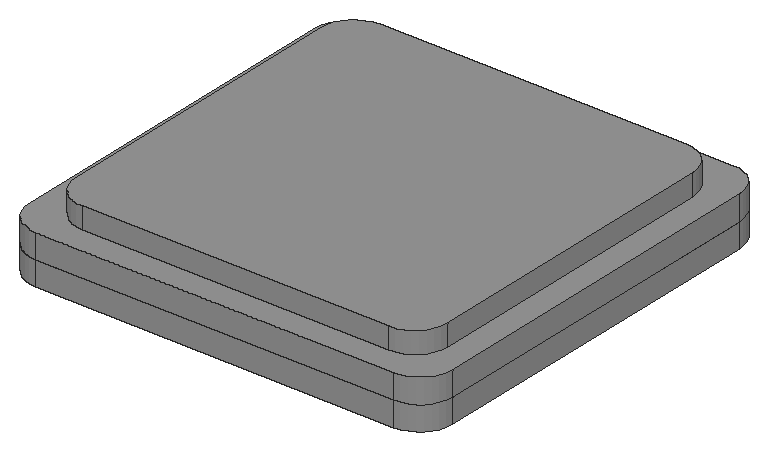
Revit family "FMS2_63_UN_Surface-mounted_ETK", category Lighting Fixtures, Revit 2019 (continued)
Definition of nested family "FMS.2 - Lightsource"
  Types (14, lengths in mm): name | Wattage Comments | Wattage | built-in parameter 1150134 | Photometric Web File | built-in parameter 1150142 | built-in parameter 1150105 | Lumens | built-in parameter 1150107 | built-in parameter 1150106 | Apparent Load
      632\t330.6806\t327.7293\t324.7779\t321.6982\t318.3619\t315.0256\t311.6893\t308.353\t305.0166\r\n301.6803\t298.344\t295.0077\t291.6714\t288.335\t284.9987\t281.7907\t278.4544\t275.1181\t271.7818\r\n268.4454\t265.2374\t261.9011\t258.5648\t255.2285\t251.7638\t248.2992\t244.8346\t241.3699\t237.9053\r\n234.4406\t230.976\t227.5114\t224.0467\t220.5821\t217.1174\t213.6528\t210.3165\t206.8518\t203.3872\r\n199.9226\t196.4579\t193.1216\t189.657\t186.1923\t182.5994\t179.1347\t175.6701\t172.2054\t168.6125\r\n165.1478\t161.6832\t158.2186\t154.7539\t151.2893\t147.8246\t144.36\t140.8954\t137.3024\t133.8378\r\n130.3731\t126.9726\t123.508\t120.2358\t117.0278\t113.8198\t110.6118\t107.4038\t104.1958\t100.9878\r\n97.7927\t94.5847\t91.3895\t88.1943\t84.9992\t81.804\t78.6088\t75.4137\t72.2313\t69.0362\r\n65.8538\t62.6587\t56.6918\t50.0961\t43.5133\t36.9177\t30.322\t23.7264\t17.1436\t10.5479\r\n3.9574\t0\t0\t0\t0\t0\t0\t0\t0\t0\r\n0\r\n473.6291\t473.3725\t472.9875\t472.6026\t472.2176\t471.8326\t471.4477\t471.0627\t470.6778\t470.2928\r\n469.9078\t469.5229\t469.1379\t468.753\t468.368\t467.983\t467.4698\t467.0848\t466.5715\t466.1866\r\n465.6733\t464.9034\t463.4918\t462.0803\t460.5405\t459.129\t457.7174\t456.3059\t454.8944\t453.4829\r\n452.0714\t450.6598\t449.12\t447.7085\t446.297\t444.7571\t443.3456\t441.8058\t440.3942\t438.9827\r\n437.4429\t436.0314\t433.8499\t431.5402\t429.2304\t426.9206\t424.6109\t422.3011\t419.9914\t417.6816\r\n415.3718\t412.9338\t410.624\t408.3142\t406.0045\t403.5664\t401.2566\t398.9469\t396.6371\t394.199\r\n391.8893\t389.5795\t387.1414\t384.1901\t381.2387\t378.2874\t375.336\t372.3846\t369.4333\t366.4819\r\n363.5306\t360.5792\t357.6278\t354.6765\t351.7251\t348.7738\t345.8224\t342.871\t339.9197\t336.9683\r\n334.017\t331.0656\t328.1142\t324.9062\t321.5699\t318.2336\t314.8973\t311.6893\t308.353\t305.0166\r\n301.8086\t298.4723\t295.136\t291.928\t288.5917\t285.3837\t282.0474\t278.711\t275.3747\t272.1667\r\n268.8304\t265.4941\t262.1578\t258.6931\t255.2285\t251.7638\t248.2992\t244.8346\t241.4982\t238.0336\r\n234.569\t231.1043\t227.6397\t224.175\t220.7104\t217.2458\t213.7811\t210.4448\t206.9802\t203.5155\r\n200.0509\t196.5862\t193.1216\t189.657\t186.1923\t182.7277\t179.1347\t175.6701\t172.2054\t168.7408\r\n165.2762\t161.6832\t158.2186\t154.7539\t151.2893\t147.8246\t144.36\t140.8954\t137.4307\t133.8378\r\n130.3731\t126.947\t123.662\t120.4412\t117.2203\t113.9995\t110.7787\t107.5707\t104.3498\t101.1418\r\n97.921\t94.713\t91.505\t88.2842\t85.0762\t81.8682\t78.6602\t75.4522\t72.2442\t69.0362\r\n65.8282\t61.5038\t54.921\t48.3381\t41.7553\t35.1597\t28.5769\t21.994\t15.4112\t8.8194\r\n2.2341\t0\t0\t0\t0\t0\t0\t0\t0\t0\r\n0\r\n473.6291\t473.3725\t472.9875\t472.6026\t472.2176\t471.8326\t471.4477\t471.0627\t470.6778\t470.2928\r\n469.9078\t469.5229\t469.0096\t468.6246\t468.2397\t467.8547\t467.4698\t467.0848\t466.6998\t466.3149\r\n465.9299\t464.9034\t463.4918\t462.0803\t460.6688\t459.2573\t457.8458\t456.3059\t454.8944\t453.4829\r\n452.0714\t450.6598\t449.12\t447.7085\t446.297\t444.8854\t443.4739\t442.0624\t440.6509\t439.2394\r\n437.8278\t436.0314\t433.7216\t431.4118\t429.1021\t426.7923\t424.4826\t422.3011\t419.9914\t417.6816\r\n415.3718\t413.0621\t410.7523\t408.4426\t406.1328\t403.823\t401.5133\t399.2035\t396.8938\t394.584\r\n392.2742\t389.8362\t386.8848\t383.9334\t381.1104\t378.159\t375.2077\t372.3846\t369.4333\t366.4819\r\n363.6589\t360.7075\t357.7562\t354.8048\t351.9818\t349.0304\t346.079\t343.1277\t340.1763\t337.225\r\n334.2736\t331.3222\t327.9859\t324.7779\t321.4416\t318.2336\t314.8973\t311.6893\t308.353\t305.145\r\n301.8086\t298.6006\t295.2643\t292.0563\t288.72\t285.512\t282.1757\t278.8394\t275.6314\t272.295\r\n269.087\t265.7507\t262.2861\t258.8214\t255.3568\t251.8922\t248.4275\t244.9629\t241.4982\t238.0336\r\n234.569\t231.2326\t227.768\t224.3034\t220.8387\t217.3741\t213.9094\t210.5731\t207.1085\t203.6438\r\n200.1792\t196.7146\t193.2499\t189.7853\t186.3206\t182.7277\t179.263\t175.7984\t172.3338\t168.8691\r\n165.2762\t161.8115\t158.3469\t154.8822\t151.2893\t147.8246\t144.36\t140.8954\t137.4307\t133.8378\r\n130.3731\t127.0111\t123.7775\t120.5566\t117.323\t114.0893\t110.8685\t107.6348\t104.4012\t101.1803\r\n97.9467\t94.7258\t91.4922\t88.2713\t85.0377\t81.8168\t78.596\t75.3623\t72.1415\t68.9207\r\n65.687\t60.1179\t53.5479\t46.978\t40.408\t33.838\t27.268\t20.698\t14.128\t7.5632\r\n0.9932\t0\t0\t0\t0\t0\t0\t0\t0\t0\r\n0\r\n473.6291\t473.3725\t472.9875\t472.6026\t472.2176\t471.8326\t471.4477\t471.0627\t470.6778\t470.2928\r\n469.9078\t469.5229\t469.1379\t468.753\t468.368\t467.983\t467.5981\t467.2131\t466.8282\t466.4432\r\n466.0582\t464.6467\t463.2352\t461.8237\t460.4122\t459.129\t457.7174\t456.3059\t454.8944\t453.4829\r\n452.0714\t450.6598\t449.2483\t447.8368\t446.4253\t445.0138\t443.6022\t442.1907\t440.9075\t439.496\r\n438.0845\t435.903\t433.5933\t431.4118\t429.1021\t426.7923\t424.6109\t422.3011\t419.9914\t417.6816\r\n415.5002\t413.1904\t410.8806\t408.5709\t406.3894\t404.0797\t401.7699\t399.4602\t397.2787\t394.969\r\n392.6592\t389.9645\t387.0131\t384.0618\t381.1104\t378.2874\t375.336\t372.3846\t369.5616\t366.6102\r\n363.7872\t360.8358\t357.8845\t355.0614\t352.1101\t349.1587\t346.2074\t343.3843\t340.433\t337.4816\r\n334.5302\t331.3222\t328.1142\t324.7779\t321.5699\t318.2336\t315.0256\t311.6893\t308.4813\t305.145\r\n301.8086\t298.6006\t295.2643\t292.0563\t288.72\t285.512\t282.1757\t278.9677\t275.7597\t272.4234\r\n269.2154\t265.7507\t262.2861\t258.8214\t255.3568\t251.8922\t248.5558\t245.0912\t241.6266\t238.1619\r\n234.6973\t231.2326\t227.768\t224.3034\t220.967\t217.5024\t214.0378\t210.5731\t207.1085\t203.6438\r\n200.1792\t196.7146\t193.2499\t189.7853\t186.3206\t182.7277\t179.263\t175.7984\t172.3338\t168.8691\r\n165.2762\t161.8115\t158.3469\t154.8822\t151.2893\t147.8246\t144.36\t140.8954\t137.4307\t133.8378\r\n130.3731\t127.1266\t123.8801\t120.6465\t117.4\t114.1663\t110.9198\t107.6861\t104.4396\t101.206\r\n97.9595\t94.7258\t91.4793\t88.2457\t85.012\t81.7655\t78.5318\t75.2982\t72.0517\t68.818\r\n65.5844\t59.271\t52.7139\t46.1567\t39.5996\t33.0424\t26.4852\t19.9281\t13.3581\t6.8061\r\n0.2483\t0\t0\t0\t0\t0\t0\t0\t0\t0\r\n0\r\n473.6291\t473.3725\t472.9875\t472.6026\t472.2176\t471.8326\t471.4477\t471.0627\t470.6778\t470.4211\r\n470.0362\t469.6512\t469.2662\t468.8813\t468.4963\t468.1114\t467.7264\t467.4698\t467.0848\t466.6998\r\n466.3149\t464.9034\t463.4918\t462.0803\t460.6688\t459.2573\t457.8458\t456.4342\t455.0227\t453.6112\r\n452.1997\t450.7882\t449.3766\t447.9651\t446.5536\t445.1421\t443.7306\t442.319\t440.9075\t439.496\r\n438.0845\t435.7747\t433.465\t431.2835\t428.9738\t426.664\t424.3542\t422.1728\t419.863\t417.5533\r\n415.2435\t413.0621\t410.7523\t408.4426\t406.1328\t403.9514\t401.6416\t399.3318\t397.0221\t394.8406\r\n392.5309\t389.5795\t386.7565\t383.8051\t380.8538\t378.0307\t375.0794\t372.128\t369.305\t366.3536\r\n363.4022\t360.5792\t357.6278\t354.6765\t351.8534\t348.9021\t345.9507\t343.1277\t340.1763\t337.3533\r\n334.4019\t331.0656\t327.8576\t324.6496\t321.3133\t318.1053\t314.8973\t311.561\t308.353\t305.0166\r\n301.8086\t298.6006\t295.2643\t292.0563\t288.8483\t285.512\t282.304\t278.9677\t275.7597\t272.5517\r\n269.2154\t265.7507\t262.4144\t258.9498\t255.4851\t252.0205\t248.5558\t245.0912\t241.6266\t238.1619\r\n234.6973\t231.2326\t227.768\t224.4317\t220.967\t217.5024\t214.0378\t210.5731\t207.1085\t203.6438\r\n200.1792\t196.7146\t193.2499\t189.657\t186.1923\t182.7277\t179.263\t175.7984\t172.2054\t168.7408\r\n165.2762\t161.8115\t158.2186\t154.7539\t151.2893\t147.8246\t144.2317\t140.767\t137.3024\t133.8378\r\n130.2448\t127.0496\t123.816\t120.5695\t117.323\t114.0893\t110.8428\t107.5963\t104.3627\t101.1162\r\n97.8697\t94.636\t91.3895\t88.143\t84.9093\t81.6628\t78.4164\t75.1827\t71.9362\t68.6897\r\n65.456\t58.8989\t52.3546\t45.8102\t39.2659\t32.7216\t26.1773\t19.633\t13.0886\t6.5456\r\n0\t0\t0\t0\t0\t0\t0\t0\t0\t0\r\n0\r\n473.6291\t473.2442\t472.9875\t472.6026\t472.2176\t471.8326\t471.4477\t471.0627\t470.6778\t470.2928\r\n469.9078\t469.3946\t469.0096\t468.6246\t468.2397\t467.8547\t467.4698\t467.0848\t466.6998\t466.3149\r\n465.9299\t464.6467\t463.2352\t461.8237\t460.4122\t459.0006\t457.5891\t456.1776\t454.7661\t453.3546\r\n452.0714\t450.6598\t449.2483\t447.8368\t446.4253\t445.0138\t443.6022\t442.1907\t440.9075\t439.496\r\n438.0845\t435.903\t433.5933\t431.4118\t429.1021\t426.7923\t424.4826\t422.3011\t419.9914\t417.6816\r\n415.3718\t413.0621\t410.8806\t408.5709\t406.2611\t403.9514\t401.6416\t399.4602\t397.1504\t394.8406\r\n392.5309\t389.8362\t386.8848\t383.9334\t380.9821\t378.159\t375.2077\t372.2563\t369.305\t366.4819\r\n363.5306\t360.5792\t357.7562\t354.8048\t351.8534\t349.0304\t346.079\t343.1277\t340.1763\t337.3533\r\n334.4019\t331.1939\t327.9859\t324.6496\t321.4416\t318.1053\t314.8973\t311.561\t308.353\t305.145\r\n301.8086\t298.6006\t295.2643\t292.0563\t288.72\t285.512\t282.304\t278.9677\t275.7597\t272.4234\r\n269.2154\t265.7507\t262.2861\t258.8214\t255.3568\t252.0205\t248.5558\t245.0912\t241.6266\t238.1619\r\n234.6973\t231.2326\t227.768\t224.3034\t220.8387\t217.3741\t213.9094\t210.4448\t206.9802\t203.5155\r\n200.0509\t196.5862\t193.1216\t189.5286\t186.064\t182.5994\t179.1347\t175.6701\t172.0771\t168.6125\r\n165.1478\t161.6832\t158.2186\t154.6256\t151.161\t147.6963\t144.2317\t140.6387\t137.1741\t133.7094\r\n130.2448\t126.947\t123.7005\t120.454\t117.2075\t113.9738\t110.7273\t107.4808\t104.2343\t100.9878\r\n97.7542\t94.5077\t91.2612\t88.0147\t84.781\t81.5345\t78.288\t75.0415\t71.8079\t68.5614\r\n65.3149\t59.0272\t52.4957\t45.9642\t39.4327\t32.9012\t26.3698\t19.8383\t13.3068\t6.7779\r\n0.2473\t0\t0\t0\t0\t0\t0\t0\t0\t0\r\n0\r\n473.6291\t473.2442\t472.8592\t472.4742\t472.0893\t471.7043\t471.3194\t470.9344\t470.5494\t470.1645\r\n469.7795\t469.2662\t468.8813\t468.4963\t468.1114\t467.7264\t467.3414\t466.9565\t466.5715\t466.1866\r\n465.8016\t464.775\t463.3635\t461.952\t460.5405\t459.129\t457.7174\t456.3059\t454.8944\t453.4829\r\n452.0714\t450.6598\t449.2483\t447.8368\t446.4253\t445.0138\t443.4739\t442.0624\t440.6509\t439.2394\r\n437.6995\t435.903\t433.5933\t431.2835\t429.1021\t426.7923\t424.4826\t422.1728\t419.863\t417.5533\r\n415.2435\t413.0621\t410.7523\t408.4426\t406.1328\t403.823\t401.5133\t399.3318\t397.0221\t394.7123\r\n392.4026\t389.9645\t387.0131\t384.0618\t381.1104\t378.159\t375.2077\t372.2563\t369.305\t366.3536\r\n363.4022\t360.4509\t357.4995\t354.6765\t351.7251\t348.7738\t345.8224\t342.871\t339.9197\t337.0966\r\n334.1453\t331.1939\t327.8576\t324.6496\t321.3133\t318.1053\t314.769\t311.561\t308.2246\t305.0166\r\n301.6803\t298.4723\t295.136\t291.928\t288.5917\t285.3837\t282.0474\t278.8394\t275.503\t272.295\r\n268.9587\t265.7507\t262.2861\t258.8214\t255.3568\t251.7638\t248.2992\t244.8346\t241.3699\t237.9053\r\n234.4406\t230.976\t227.5114\t224.0467\t220.7104\t217.2458\t213.7811\t210.3165\t206.8518\t203.3872\r\n199.9226\t196.4579\t192.9933\t189.5286\t185.9357\t182.471\t179.0064\t175.5418\t172.0771\t168.4842\r\n165.0195\t161.5549\t157.9619\t154.4973\t151.0326\t147.568\t144.1034\t140.5104\t137.0458\t133.5811\r\n130.1165\t126.7032\t123.4567\t120.223\t116.9765\t113.7428\t110.4964\t107.2627\t104.029\t100.7825\r\n97.5489\t94.3152\t91.0815\t87.835\t84.6014\t81.3677\t78.134\t74.9004\t71.6667\t68.4331\r\n65.1994\t59.656\t53.1373\t46.6187\t40.1\t33.5813\t27.0627\t20.544\t14.0254\t7.5042\r\n0.9855\t0\t0\t0\t0\t0\t0\t0\t0\t0\r\n0\r\n473.6291\t473.2442\t472.8592\t472.4742\t472.0893\t471.7043\t471.3194\t470.9344\t470.4211\t470.0362\r\n469.6512\t469.2662\t468.8813\t468.4963\t468.1114\t467.7264\t467.3414\t466.9565\t466.4432\t466.0582\r\n465.6733\t464.9034\t463.4918\t462.0803\t460.6688\t459.2573\t457.8458\t456.3059\t454.8944\t453.4829\r\n451.943\t450.5315\t449.12\t447.5802\t446.1686\t444.6288\t443.2173\t441.6774\t440.2659\t438.7261\r\n437.3146\t435.7747\t433.7216\t431.4118\t429.1021\t426.664\t424.3542\t422.0445\t419.7347\t417.425\r\n415.1152\t412.8054\t410.4957\t408.1859\t405.8762\t403.6947\t401.385\t399.0752\t396.6371\t394.3274\r\n392.0176\t389.7078\t387.1414\t384.1901\t381.2387\t378.2874\t375.2077\t372.2563\t369.305\t366.3536\r\n363.4022\t360.4509\t357.4995\t354.5482\t351.5968\t348.6454\t345.5658\t342.6144\t339.663\t336.7117\r\n333.7603\t330.6806\t327.7293\t324.5213\t321.185\t317.977\t314.6406\t311.3043\t308.0963\t304.76\r\n301.552\t298.2157\t295.0077\t291.6714\t288.335\t285.127\t281.7907\t278.5827\t275.2464\t272.0384\r\n268.7021\t265.4941\t262.1578\t258.6931\t255.2285\t251.7638\t248.2992\t244.8346\t241.3699\t237.777\r\n234.3123\t230.8477\t227.383\t223.9184\t220.4538\t216.9891\t213.5245\t210.0598\t206.5952\t203.1306\r\n199.6659\t196.073\t192.6083\t189.1437\t185.679\t182.2144\t178.6214\t175.1568\t171.6922\t168.2275\r\n164.6346\t161.1699\t157.7053\t154.2406\t150.776\t147.3114\t143.7184\t140.2538\t136.7891\t133.3245\r\n129.8598\t126.3824\t123.0845\t119.8509\t116.63\t113.3964\t110.1756\t106.9419\t103.7211\t100.5002\r\n97.2666\t94.0457\t90.8249\t87.6041\t84.3832\t81.1624\t77.9416\t74.7207\t71.4999\t68.2791\r\n65.0711\t60.7595\t54.2537\t47.7479\t41.242\t34.7362\t28.2304\t21.7246\t15.2188\t8.7116\r\n2.2058\t0\t0\t0\t0\t0\t0\t0\t0\t0\r\n0\r\n473.6291\t473.2442\t472.8592\t472.4742\t472.0893\t471.7043\t471.3194\t470.9344\t470.4211\t470.0362\r\n469.6512\t469.2662\t468.8813\t468.4963\t467.983\t467.5981\t467.2131\t466.6998\t466.3149\t465.8016\r\n465.4166\t464.9034\t463.7485\t462.2086\t460.7971\t459.2573\t457.8458\t456.3059\t454.8944\t453.3546\r\n451.8147\t450.4032\t448.8634\t447.3235\t445.7837\t444.3722\t442.8323\t441.2925\t439.7526\t438.2128\r\n436.673\t435.1331\t433.5933\t431.5402\t429.2304\t426.7923\t424.4826\t422.1728\t419.863\t417.5533\r\n415.1152\t412.8054\t410.4957\t408.0576\t405.7478\t403.4381\t401\t398.5619\t396.1238\t393.8141\r\n391.376\t388.9379\t386.6282\t384.3184\t381.367\t378.4157\t375.4643\t372.3846\t369.4333\t366.4819\r\n363.4022\t360.4509\t357.3712\t354.4198\t351.4685\t348.3888\t345.4374\t342.3578\t339.4064\t336.3267\r\n333.3754\t330.424\t327.3443\t324.393\t321.185\t317.8486\t314.6406\t311.3043\t307.968\t304.6317\r\n301.4237\t298.0874\t294.751\t291.4147\t288.2067\t284.8704\t281.5341\t278.1978\t274.9898\t271.6534\r\n268.3171\t264.9808\t261.7728\t258.4365\t255.1002\t251.5072\t248.0426\t244.5779\t241.1133\t237.5203\r\n234.0557\t230.591\t227.1264\t223.6618\t220.0688\t216.6042\t213.1395\t209.6749\t206.2102\t202.7456\r\n199.281\t195.8163\t192.3517\t188.887\t185.4224\t181.8294\t178.3648\t174.9002\t171.4355\t167.9709\r\n164.3779\t160.9133\t157.4486\t153.984\t150.5194\t147.0547\t143.5901\t140.1254\t136.6608\t133.1962\r\n129.7315\t126.2027\t122.7381\t119.4659\t116.2451\t113.0243\t109.8163\t106.5954\t103.3746\t100.1666\r\n96.9586\t93.7506\t90.5426\t87.3346\t84.1266\t80.9186\t77.7106\t74.5154\t71.3203\t68.1123\r\n64.9171\t61.7219\t55.832\t49.339\t42.846\t36.3531\t29.8601\t23.3671\t16.8741\t10.3875\r\n3.8958\t0\t0\t0\t0\t0\t0\t0\t0\t0\r\n0\r\n473.6291\t473.2442\t472.8592\t472.4742\t472.0893\t471.7043\t471.3194\t470.9344\t470.5494\t470.0362\r\n469.6512\t469.2662\t468.8813\t468.368\t467.983\t467.4698\t466.9565\t466.4432\t465.9299\t465.545\r\n464.9034\t464.3901\t463.8768\t462.337\t460.9254\t459.3856\t457.8458\t456.4342\t454.8944\t453.3546\r\n451.8147\t450.2749\t448.735\t447.1952\t445.6554\t444.1155\t442.5757\t440.9075\t439.3677\t437.8278\r\n436.288\t434.6198\t433.08\t431.4118\t429.6154\t427.1773\t424.8675\t422.4294\t419.9914\t417.5533\r\n415.1152\t412.6771\t410.3674\t407.9293\t405.4912\t403.0531\t400.615\t398.177\t395.8672\t393.4291\r\n390.991\t388.553\t386.1149\t383.6768\t381.2387\t378.8006\t375.721\t372.6413\t369.5616\t366.4819\r\n363.4022\t360.4509\t357.3712\t354.2915\t351.3402\t348.2605\t345.3091\t342.1011\t339.0214\t335.9418\r\n332.8621\t329.7824\t326.831\t323.7514\t320.6717\t317.7203\t314.5123\t311.176\t307.8397\t304.5034\r\n301.167\t297.8307\t294.4944\t291.1581\t287.8218\t284.4854\t281.1491\t277.8128\t274.4765\t271.2685\r\n267.9322\t264.5958\t261.2595\t257.9232\t254.7152\t251.3789\t248.0426\t244.4496\t240.985\t237.392\r\n233.9274\t230.4627\t226.8698\t223.4051\t219.9405\t216.3475\t212.8829\t209.4182\t205.8253\t202.3606\r\n198.896\t195.303\t191.8384\t188.3738\t184.9091\t181.4445\t177.9798\t174.3869\t170.9222\t167.4576\r\n163.993\t160.5283\t157.0637\t153.599\t150.1344\t146.6698\t143.2051\t139.7405\t136.2758\t132.8112\r\n129.3466\t125.9204\t122.4686\t119.0296\t115.719\t112.511\t109.3158\t106.1206\t102.9255\t99.7303\r\n96.5351\t93.34\t90.1448\t86.9625\t83.7801\t80.5978\t77.4155\t74.2331\t71.0508\t67.8813\r\n64.6989\t61.5294\t57.8338\t51.3537\t44.8863\t38.4062\t31.926\t25.4587\t18.9785\t12.5086\r\n6.0375\t0\t0\t0\t0\t0\t0\t0\t0\t0\r\n0\r\n473.6291\t473.2442\t472.8592\t472.4742\t472.0893\t471.7043\t471.3194\t470.9344\t470.5494\t470.0362\r\n469.6512\t469.2662\t468.753\t468.2397\t467.7264\t467.2131\t466.6998\t466.1866\t465.545\t465.0317\r\n464.5184\t463.8768\t463.2352\t462.7219\t461.1821\t459.6422\t458.2307\t456.6909\t455.151\t453.6112\r\n451.943\t450.4032\t448.8634\t447.1952\t445.527\t443.9872\t442.319\t440.6509\t438.9827\t437.3146\r\n435.6464\t433.9782\t432.3101\t430.6419\t428.8454\t427.1773\t425.1242\t422.6861\t420.248\t417.8099\r\n415.2435\t412.8054\t410.3674\t407.9293\t405.4912\t402.9248\t400.3584\t397.9203\t395.3539\t392.7875\r\n390.3494\t387.783\t385.345\t382.7786\t380.2122\t377.6458\t375.0794\t372.513\t369.5616\t366.4819\r\n363.4022\t360.3226\t357.2429\t354.0349\t350.9552\t347.8755\t344.7958\t341.7162\t338.6365\t335.5568\r\n332.6054\t329.5258\t326.4461\t323.2381\t320.1584\t317.0787\t313.999\t310.9194\t307.8397\t304.5034\r\n301.0387\t297.7024\t294.3661\t290.9014\t287.5651\t284.2288\t280.7642\t277.4278\t274.0915\t270.7552\r\n267.4189\t264.0826\t260.7462\t257.4099\t254.0736\t250.7373\t247.401\t244.0646\t240.8566\t237.2637\r\n233.6707\t230.2061\t226.6131\t223.1485\t219.5555\t216.0909\t212.4979\t209.0333\t205.4403\t201.9757\r\n198.511\t194.9181\t191.4534\t187.9888\t184.5242\t181.0595\t177.5949\t174.1302\t170.6656\t167.0726\r\n163.608\t160.1434\t156.6787\t153.2141\t149.7494\t146.2848\t142.8202\t139.3555\t135.8909\t132.4262\r\n128.9616\t125.5355\t122.0965\t118.6575\t115.2185\t111.7924\t108.61\t105.4277\t102.2582\t99.0887\r\n95.9192\t92.7625\t89.6059\t86.4492\t83.3053\t80.1487\t77.0048\t73.8738\t70.73\t
